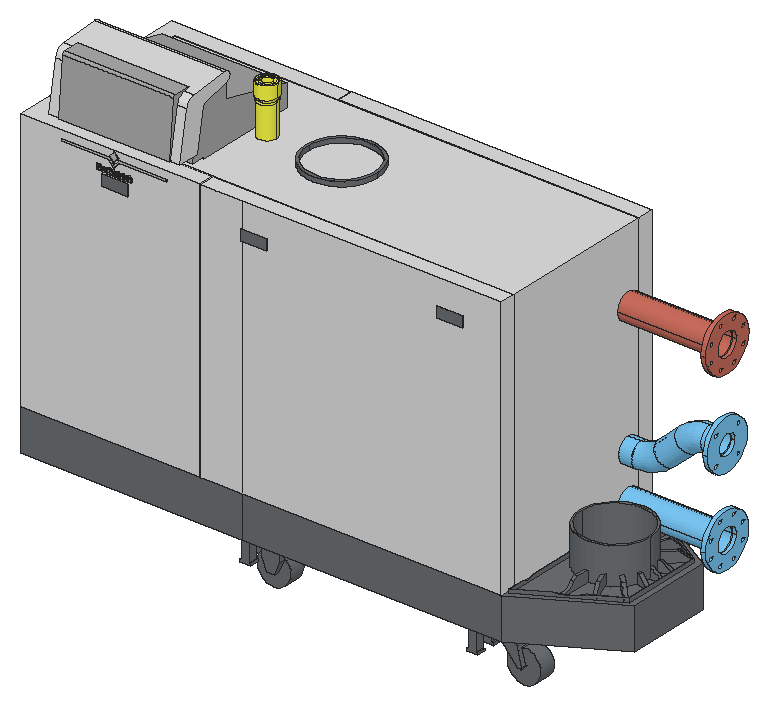
Revit family "HC_Boiler_Condensate Flow_MEPcontent_De Dietrich Thermique_C 340 8-10_Right_FR-FR", category Mechanical Equipment, Revit 2018 (continued)
Definition of nested family "3D Geometry"
  Automatic sketch dimensions
    plane 16 to Extrusion 28 sketch curve = 24.912 mm
    Extrusion 28 sketch curve to plane 12 = 16.5 mm
    Extrusion 28 sketch curve to Extrusion 28 sketch curve = 36.857 mm
    Extrusion 28 sketch curve to Extrusion 28 sketch curve = 7.1 mm
    Extrusion 28 sketch curve to plane 12 = 44.274 mm
    Extrusion 28 sketch curve to Extrusion 28 sketch curve = 39.5 mm
    Extrusion 29 sketch curve to plane 12 = 56 mm
    Extrusion 29 sketch curve to plane 12 = 16.5 mm
    Extrusion 29 sketch curve to Extrusion 29 sketch curve = 37.294 mm
    Extrusion 29 sketch curve to Extrusion 29 sketch curve = 13.599 mm
    Extrusion 29 sketch curve to Extrusion 29 sketch curve = 8.897 mm
    Extrusion 30 sketch curve to plane 12 = 53.5 mm
    Extrusion 30 sketch curve to plane 12 = 16.5 mm
    Extrusion 30 sketch curve to Extrusion 30 sketch curve = 38.031 mm
    Extrusion 30 sketch curve to Extrusion 30 sketch curve = 50.316 mm
    Extrusion 30 sketch curve to Extrusion 30 sketch curve = 8.342 mm
    Extrusion 31 sketch curve to plane 9 = 9 mm
    Extrusion 31 sketch curve to Extrusion 31 sketch curve = 3 mm  (x2)
    plane 16 to Extrusion 31 sketch curve = 27 mm
    Extrusion 31 sketch curve to plane 4 = 24.132 mm
    Extrusion 31 sketch curve to Extrusion 31 sketch curve = 5.189 mm  (x2)
    plane 13 to Extrusion 31 sketch curve = 88.329 mm
    Extrusion 31 sketch curve to Extrusion 31 sketch curve = 1.734 mm  (x2)
    plane 1 "Center (Front/Back)" to Extrusion 31 sketch curve = 149.437 mm
    plane 5 to Extrusion 31 sketch curve = 29.321 mm
    Extrusion 32 sketch curve to Extrusion 32 sketch curve = 0 mm  (x2)
    plane 1 "Center (Front/Back)" to Extrusion 32 sketch curve = 0 mm
    Extrusion 32 sketch curve to plane 9 = 144.515 mm
    Extrusion 33 sketch curve to Extrusion 33 sketch curve = 0 mm  (x2)
    Extrusion 33 sketch curve to plane 12 = 0 mm
    Extrusion 33 sketch curve to plane 13 = 0 mm
    Extrusion 34 sketch curve to Extrusion 34 sketch curve = 0 mm  (x2)
    Extrusion 34 sketch curve to plane 10 = 0 mm
    Extrusion 34 sketch curve to plane 13 = 0 mm
    Extrusion 35 sketch curve to Extrusion 35 sketch curve = 0 mm  (x2)
    Extrusion 35 sketch curve to plane 1 "Center (Front/Back)" = 0.5 mm
    plane 3 "Center (Left/Right)" to Extrusion 35 sketch curve = 166 mm
    Extrusion 36 sketch curve to plane 1 "Center (Front/Back)" = 0.5 mm  (x2)
    plane 3 "Center (Left/Right)" to Extrusion 36 sketch curve = 445 mm
    Extrusion 36 sketch curve to Extrusion 36 sketch curve = 0.184 mm
    plane 1 "Center (Front/Back)" to Extrusion 37 sketch curve = 0 mm
    plane 3 "Center (Left/Right)" to Extrusion 37 sketch curve = 496.822 mm
    Sweep 38 sketch curve to plane 11 = 0 mm
    Sweep 38 sketch curve to plane 9 = 0 mm
    Sweep 38 sketch curve to plane 11 = 4.744 mm
    Sweep 38 sketch curve to plane 11 = 33.641 mm
    Sweep 38 sketch curve to plane 11 = 107.066 mm
    plane 16 to Sweep 38 sketch curve = 31.71 mm
    Sweep 38 sketch curve to plane 11 = 125 mm
    Sweep 38 sketch curve to plane 9 = 51.296 mm
    Sweep 38 sketch curve to Sweep 38 sketch curve = 37.678 mm
    Sweep 38 sketch curve to plane 9 = 1 mm
    Sweep 38 sketch curve to plane 16 = 13 mm
    Sweep 38 sketch curve to profile plane = 0 mm  (x3)
    Sweep 38 sketch curve to Sweep 38 sketch curve = 0.156 mm
    Extrusion 39 sketch curve to plane 5 = 0 mm
    Extrusion 39 sketch curve to plane 7 = 0 mm  (x2)
    Extrusion 39 sketch curve to plane 4 = 0 mm
    Extrusion 39 sketch curve to plane 8 = 0 mm
    Extrusion 39 sketch curve to Extrusion 39 sketch curve = 7.5 mm
    Extrusion 39 sketch curve to plane 4 = 7.5 mm
    Extrusion 39 sketch curve to plane 8 = 7.097 mm
    Extrusion 40 sketch curve to Extrusion 40 sketch curve = 0 mm  (x3)
    Extrusion 40 sketch curve to plane 10 = 0 mm
    Extrusion 40 sketch curve to plane 13 = 0 mm
    plane 13 to Extrusion 40 sketch curve = 30.5 mm  (x2)
    plane 10 to Extrusion 40 sketch curve = 30.5 mm  (x2)
    Extrusion 40 sketch curve to Extrusion 40 sketch curve = 43.5 mm  (x5)
    Extrusion 40 sketch curve to plane 10 = 30.5 mm  (x2)
    Extrusion 40 sketch curve to plane 13 = 32.774 mm  (x2)
    Extrusion 40 sketch curve to plane 4 = 40 mm  (x2)
    Extrusion 41 sketch curve to Extrusion 41 sketch curve = 0 mm  (x3)
    Extrusion 41 sketch curve to plane 12 = 0 mm
    Extrusion 41 sketch curve to plane 13 = 0 mm
    plane 13 to Extrusion 41 sketch curve = 32.774 mm  (x2)
    plane 12 to Extrusion 41 sketch curve = 30.5 mm  (x2)
    Extrusion 41 sketch curve to Extrusion 41 sketch curve = 43.5 mm  (x5)
    Extrusion 41 sketch curve to plane 12 = 30.5 mm  (x2)
    Extrusion 41 sketch curve to plane 13 = 30.5 mm  (x2)
    Extrusion 41 sketch curve to plane 4 = 42.274 mm  (x2)
    Extrusion 42 sketch curve to plane 11 = 0 mm  (x2)
    Extrusion 42 sketch curve to plane 13 = 0 mm
    plane 13 to Extrusion 42 sketch curve = 52.445 mm  (x2)
    Extrusion 42 sketch curve to Extrusion 42 sketch curve = 1.094 mm
    Extrusion 42 sketch curve to plane 13 = 52.359 mm  (x2)
    Extrusion 42 sketch curve to plane 11 = 51.265 mm  (x2)
    plane 11 to Extrusion 42 sketch curve = 51.265 mm  (x2)
    Revolve 43 sketch curve to plane 6 = 73 mm
    Revolve 43 sketch curve to Revolve 43 sketch curve = 48.5 mm
    Revolve 43 sketch curve to Revolve 43 sketch curve = 9.229 mm
    Revolve 43 sketch curve to Revolve 43 sketch curve = 7.771 mm
    plane 3 "Center (Left/Right)" to Revolve 43 sketch curve = 483.829 mm
    Revolve 43 sketch curve to Revolve 43 sketch curve = 3.1 mm
    Revolve 43 sketch curve to Revolve 43 sketch curve = 14.9 mm
    Revolve 43 sketch curve to Revolve 43 sketch curve = 9.5 mm
    Revolve 43 sketch curve to Revolve 43 sketch curve = 20.392 mm
    Revolve 43 sketch curve to Revolve 43 sketch curve = 20.829 mm
    Extrusion 44 sketch curve to plane 1 "Center (Front/Back)" = 0.476 mm
    plane 3 "Center (Left/Right)" to Extrusion 44 sketch curve = 445 mm
    plane 3 "Center (Left/Right)" to Extrusion 45 sketch curve = 253 mm  (x2)
    Extrusion 45 sketch curve to plane 14 = 4.5 mm
    plane 1 "Center (Front/Back)" to Extrusion 45 sketch curve = 157.061 mm
    level to Extrusion 46 sketch curve = 62.222 mm
    Extrusion 46 sketch curve to plane 9 = 40.479 mm
    Extrusion 47 sketch curve to plane 7 = 0 mm
    level to Extrusion 47 sketch curve = 63.696 mm
    Extrusion 47 sketch curve to Extrusion 47 sketch curve = 1.196 mm
    Extrusion 47 sketch curve to Extrusion 47 sketch curve = 4.622 mm
    plane 9 to Extrusion 47 sketch curve = 54.5 mm
    level to Extrusion 48 sketch curve = 62.222 mm
    Extrusion 48 sketch curve to plane 9 = 40.479 mm
    Extrusion 49 sketch curve to plane 7 = 0 mm
    level to Extrusion 49 sketch curve = 63.696 mm
    Extrusion 49 sketch curve to Extrusion 49 sketch curve = 1.196 mm
    Extrusion 49 sketch curve to Extrusion 49 sketch curve = 4.622 mm
    Extrusion 49 sketch curve to plane 9 = 44.965 mm
    Extrusion 51 sketch curve to plane 7 = 0 mm
    Extrusion 53 sketch curve to plane 7 = 0 mm
    Extrusion 54 sketch curve to Extrusion 54 sketch curve = 0 mm  (x2)
    plane 1 "Center (Front/Back)" to Extrusion 54 sketch curve = 0 mm
    Extrusion 54 sketch curve to plane 9 = 144.515 mm
    Extrusion 55 sketch curve to Extrusion 55 sketch curve = 0 mm  (x2)
    Extrusion 55 sketch curve to plane 12 = 0 mm
    Extrusion 55 sketch curve to plane 13 = 0 mm
    Extrusion 56 sketch curve to Extrusion 56 sketch curve = 0 mm  (x2)
    Extrusion 56 sketch curve to plane 10 = 0 mm
    Extrusion 56 sketch curve to plane 13 = 0 mm
    Sweep 57 sketch curve to plane 11 = 0 mm
    Sweep 57 sketch curve to plane 9 = 0 mm
    Sweep 57 sketch curve to plane 11 = 4.744 mm
    Sweep 57 sketch curve to plane 11 = 33.641 mm
    Sweep 57 sketch curve to plane 11 = 107.066 mm
    plane 16 to Sweep 57 sketch curve = 31.71 mm
    Sweep 57 sketch curve to plane 11 = 125 mm
    Sweep 57 sketch curve to plane 9 = 51.296 mm
    Sweep 57 sketch curve to Sweep 57 sketch curve = 37.678 mm
    Sweep 57 sketch curve to plane 9 = 1 mm
    Sweep 57 sketch curve to plane 16 = 13 mm
    Sweep 57 sketch curve to profile plane = 0 mm  (x3)
    Sweep 57 sketch curve to Sweep 57 sketch curve = 0.156 mm
    Extrusion 58 sketch curve to Extrusion 58 sketch curve = 0 mm  (x2)
    Extrusion 58 sketch curve to plane 10 = 0 mm
    Extrusion 58 sketch curve to plane 13 = 0 mm
    Extrusion 59 sketch curve to Extrusion 59 sketch curve = 0 mm  (x2)
    Extrusion 59 sketch curve to plane 12 = 0 mm
    Extrusion 59 sketch curve to plane 13 = 0 mm
    Extrusion 60 sketch curve to plane 11 = 0 mm  (x2)
    Extrusion 60 sketch curve to plane 13 = 0 mm
    Extrusion 60 sketch curve to Extrusion 60 sketch curve = 1.094 mm
    Extrusion 61 sketch curve to plane 9 = 0 mm
    Extrusion 62 sketch curve to Extrusion 62 sketch curve = 0 mm  (x2)
    Extrusion 62 sketch curve to plane 1 "Center (Front/Back)" = 0.5 mm
    plane 3 "Center (Left/Right)" to Extrusion 62 sketch curve = 166 mm
    Extrusion 63 sketch curve to plane 1 "Center (Front/Back)" = 0.5 mm  (x2)
    plane 3 "Center (Left/Right)" to Extrusion 63 sketch curve = 445 mm
    Extrusion 63 sketch curve to Extrusion 63 sketch curve = 0.184 mm
    Extrusion 64 sketch curve to plane 12 = 53.5 mm
    Extrusion 64 sketch curve to plane 12 = 16.5 mm
    Extrusion 64 sketch curve to Extrusion 64 sketch curve = 41.003 mm
    Extrusion 64 sketch curve to Extrusion 64 sketch curve = 54.782 mm
    Extrusion 64 sketch curve to Extrusion 64 sketch curve = 6.102 mm
    Extrusion 67 sketch curve to plane 8 = 0 mm
    plane 8 to Extrusion 67 sketch curve = 5 mm
    plane 5 to Extrusion 67 sketch curve = 75.142 mm
    plane 5 to Extrusion 67 sketch curve = 108.347 mm
    Extrusion 67 sketch curve to Extrusion 67 sketch curve = 7.118 mm
    Extrusion 67 sketch curve to Extrusion 67 sketch curve = 53.211 mm
    Extrusion 67 sketch curve to plane 6 = 17.682 mm
    Extrusion 67 sketch curve to Extrusion 67 sketch curve = 98.925 mm
    Extrusion 67 sketch curve to plane 6 = 34.828 mm
    Extrusion 67 sketch curve to Extrusion 67 sketch curve = 4.594 mm
    Extrusion 67 sketch curve to Extrusion 67 sketch curve = 9.768 mm
    Extrusion 67 sketch curve to plane 6 = 69.683 mm
    Extrusion 68 sketch curve to plane 8 = 0 mm
    plane 1 "Center (Front/Back)" to Extrusion 68 sketch curve = 124.748 mm
    Extrusion 68 sketch curve to plane 6 = 99.795 mm
    Extrusion 69 sketch curve to plane 5 = 0 mm
    plane 5 to Extrusion 69 sketch curve = 1.627 mm
    plane 5 to Extrusion 69 sketch curve = 18.437 mm
    Extrusion 69 sketch curve to plane 6 = 7.5 mm
    Extrusion 69 sketch curve to Extrusion 69 sketch curve = 7.97 mm
    Extrusion 69 sketch curve to Extrusion 69 sketch curve = 7.089 mm
    Extrusion 69 sketch curve to plane 6 = 12.549 mm
    Extrusion 69 sketch curve to Extrusion 69 sketch curve = 42.996 mm
    Extrusion 69 sketch curve to Extrusion 69 sketch curve = 3.486 mm
    plane 8 to Extrusion 69 sketch curve = 35 mm
    Extrusion 69 sketch curve to Extrusion 69 sketch curve = 78.805 mm
    plane 8 to Extrusion 69 sketch curve = 36.809 mm
    Extrusion 69 sketch curve to Extrusion 69 sketch curve = 0.319 mm
    Extrusion 69 sketch curve to Extrusion 69 sketch curve = 20.45 mm
    Extrusion 69 sketch curve to Extrusion 69 sketch curve = 39.848 mm
    Extrusion 69 sketch curve to Extrusion 69 sketch curve = 8 mm
    Extrusion 69 sketch curve to Extrusion 69 sketch curve = 3.26 mm
    Extrusion 70 sketch curve to plane 6 = 0 mm
    plane 5 to Extrusion 70 sketch curve = 1.627 mm
    plane 5 to Extrusion 70 sketch curve = 33.496 mm
    Extrusion 70 sketch curve to plane 6 = 12.549 mm
    Extrusion 70 sketch curve to Extrusion 70 sketch curve = 35.906 mm
    Extrusion 70 sketch curve to Extrusion 70 sketch curve = 3.486 mm
    plane 8 to Extrusion 70 sketch curve = 36.809 mm
    Extrusion 70 sketch curve to Extrusion 70 sketch curve = 79.124 mm
    Extrusion 70 sketch curve to Extrusion 70 sketch curve = 35.459 mm
    Extrusion 70 sketch curve to Extrusion 70 sketch curve = 7.118 mm
    Extrusion 70 sketch curve to Extrusion 70 sketch curve = 97.378 mm
    Extrusion 70 sketch curve to Extrusion 70 sketch curve = 1.547 mm
    Extrusion 70 sketch curve to plane 6 = 34.828 mm
    Extrusion 70 sketch curve to Extrusion 70 sketch curve = 4.594 mm
    Extrusion 70 sketch curve to Extrusion 70 sketch curve = 57.134 mm
    Extrusion 70 sketch curve to Extrusion 70 sketch curve = 17.286 mm
    plane 1 "Center (Front/Back)" to Extrusion 71 sketch curve = 0 mm
    plane 3 "Center (Left/Right)" to Extrusion 71 sketch curve = 496.822 mm
    Extrusion 72 sketch curve to plane 12 = 0 mm  (x2)
    plane 13 to Extrusion 72 sketch curve = 0 mm
    plane 5 to Extrusion 72 sketch curve = 115 mm
    Extrusion 75 sketch curve to plane 11 = 0 mm
    Extrusion 75 sketch curve to plane 17 = 0 mm  (x2)
    Extrusion 75 sketch curve to plane 12 = 0 mm
    Extrusion 75 sketch curve to plane 10 = 0 mm
    Extrusion 45 sketch curve to plane 16 = 0 mm
    Extrusion 23 sketch curve to Extrusion 23 sketch curve = 9.081 mm
    Extrusion 23 sketch curve to Extrusion 23 sketch curve = 5.937 mm
    Extrusion 23 sketch curve to Extrusion 23 sketch curve = 41.792 mm
    Extrusion 23 sketch curve to Extrusion 23 sketch curve = 16.5 mm
    Extrusion 78 sketch curve to Extrusion 78 sketch curve = 18.912 mm
    Extrusion 78 sketch curve to Extrusion 78 sketch curve = 49 mm
    Extrusion 78 sketch curve to Extrusion 78 sketch curve = 7.361 mm
    Extrusion 78 sketch curve to Extrusion 78 sketch curve = 9.081 mm
    Extrusion 78 sketch curve to Extrusion 78 sketch curve = 5.937 mm
    Extrusion 78 sketch curve to Extrusion 78 sketch curve = 41.792 mm
    Extrusion 78 sketch curve to Extrusion 78 sketch curve = 16.5 mm
    Extrusion 65 sketch curve to plane 6 = 0 mm
    plane 8 to Extrusion 65 sketch curve = 36.809 mm
    Extrusion 65 sketch curve to plane 14 = 1.627 mm
    Extrusion 65 sketch curve to plane 20 = 27.549 mm
    Extrusion 65 sketch curve to plane 14 = 33.496 mm
    Extrusion 65 sketch curve to plane 6 = 12.549 mm
    Extrusion 65 sketch curve to Extrusion 65 sketch curve = 36.906 mm
    Extrusion 65 sketch curve to plane 20 = 19.39 mm
    Extrusion 65 sketch curve to Extrusion 65 sketch curve = 80.124 mm
    Extrusion 65 sketch curve to plane 20 = 2.104 mm
    Extrusion 65 sketch curve to Extrusion 65 sketch curve = 35.459 mm
    Extrusion 65 sketch curve to Extrusion 65 sketch curve = 7.118 mm
    Extrusion 65 sketch curve to Extrusion 65 sketch curve = 97.378 mm
    Extrusion 65 sketch curve to Extrusion 65 sketch curve = 1.547 mm
    Extrusion 65 sketch curve to plane 6 = 34.828 mm
    Extrusion 65 sketch curve to Extrusion 65 sketch curve = 4.594 mm
    plane 8 to Extrusion 66 sketch curve = 35 mm
    plane 14 to Extrusion 66 sketch curve = 0 mm
    Extrusion 66 sketch curve to Extrusion 66 sketch curve = 1.627 mm
    Extrusion 66 sketch curve to plane 6 = 14.811 mm
    Extrusion 66 sketch curve to plane 14 = 18.437 mm
    Extrusion 66 sketch curve to plane 6 = 7.5 mm
    Extrusion 66 sketch curve to Extrusion 66 sketch curve = 7.97 mm
    Extrusion 66 sketch curve to plane 20 = 27.549 mm
    Extrusion 66 sketch curve to Extrusion 66 sketch curve = 7.089 mm
    Extrusion 66 sketch curve to plane 6 = 12.549 mm
    Extrusion 66 sketch curve to Extrusion 66 sketch curve = 42.996 mm
    Extrusion 66 sketch curve to plane 20 = 20.603 mm
    Extrusion 66 sketch curve to Extrusion 66 sketch curve = 79.805 mm
    plane 8 to Extrusion 66 sketch curve = 36.809 mm
    Extrusion 66 sketch curve to Extrusion 66 sketch curve = 0.319 mm
    Extrusion 66 sketch curve to Extrusion 66 sketch curve = 20.45 mm
    Extrusion 66 sketch curve to Extrusion 66 sketch curve = 3.26 mm
    Extrusion 73 sketch curve to plane 8 = 0 mm
    plane 8 to Extrusion 73 sketch curve = 5 mm
    Extrusion 73 sketch curve to plane 14 = 76.142 mm
    Extrusion 73 sketch curve to plane 20 = 3.317 mm
    Extrusion 73 sketch curve to Extrusion 73 sketch curve = 33.205 mm
    Extrusion 73 sketch curve to Extrusion 73 sketch curve = 7.118 mm
    Extrusion 73 sketch curve to Extrusion 73 sketch curve = 53.211 mm
    Extrusion 73 sketch curve to plane 6 = 17.682 mm
    Extrusion 73 sketch curve to Extrusion 73 sketch curve = 98.925 mm
    Extrusion 73 sketch curve to plane 6 = 34.828 mm
    Extrusion 73 sketch curve to Extrusion 73 sketch curve = 4.594 mm
    Extrusion 73 sketch curve to Extrusion 73 sketch curve = 9.768 mm
    Extrusion 74 sketch curve to plane 8 = 0 mm
    plane 20 to Extrusion 74 sketch curve = 26.795 mm
    Extrusion 74 sketch curve to plane 14 = 229.752 mm
    Extrusion 74 sketch curve to Extrusion 74 sketch curve = 284.248 mm
    Extrusion 74 sketch curve to Extrusion 74 sketch curve = 83 mm
    Extrusion 65 to Extrusion 76 sketch curve = 0 mm
    Extrusion 76 sketch curve to Extrusion 65 = 0 mm  (x3)
    Extrusion 65 to Extrusion 76 sketch curve = 1.809 mm
    Extrusion 65 to Extrusion 76 sketch curve = 31.809 mm
    Extrusion 76 sketch curve to Extrusion 76 sketch curve = 74.842 mm
    Extrusion 76 sketch curve to Extrusion 76 sketch curve = 5.464 mm
    Extrusion 76 sketch curve to Extrusion 76 sketch curve = 53.211 mm
    Extrusion 76 sketch curve to Extrusion 65 = 220.191 mm
    Extrusion 76 sketch curve to Extrusion 76 sketch curve = 15.909 mm
    Extrusion 76 sketch curve to Extrusion 65 = 46.191 mm
    Extrusion 76 sketch curve to Extrusion 76 sketch curve = 285.248 mm
    Extrusion 76 sketch curve to Extrusion 76 sketch curve = 99.795 mm
    Extrusion 65 to Extrusion 76 sketch curve = 36.809 mm
    Extrusion 77 sketch curve to plane 8 = 0 mm
    Extrusion 77 sketch curve to plane 6 = 0 mm
    plane 13 to Extrusion 77 sketch curve = 79.297 mm
    plane 1 "Center (Front/Back)" to Extrusion 77 sketch curve = 126.045 mm
    Extrusion 77 sketch curve to Extrusion 77 sketch curve = 15.909 mm
    plane 1 "Center (Front/Back)" to Extrusion 77 sketch curve = 226.444 mm
    Extrusion 77 sketch curve to Extrusion 77 sketch curve = 47.747 mm
    plane 8 to Extrusion 77 sketch curve = 5 mm
    Extrusion 77 sketch curve to Extrusion 77 sketch curve = 5.464 mm
    Extrusion 77 sketch curve to plane 20 = 20.603 mm
    Extrusion 77 sketch curve to Extrusion 77 sketch curve = 139.954 mm
    Extrusion 77 sketch curve to plane 6 = 12.549 mm
    Extrusion 77 sketch curve to Extrusion 77 sketch curve = 3.486 mm
    Extrusion 77 sketch curve to plane 20 = 27.549 mm
    plane 8 to Extrusion 77 sketch curve = 35 mm
    Extrusion 77 sketch curve to Extrusion 77 sketch curve = 79.309 mm
    plane 20 to Extrusion 77 sketch curve = 26.795 mm
    Extrusion 77 sketch curve to Extrusion 77 sketch curve = 83 mm
    Extrusion 21 sketch curve to plane 8 = 94.986 mm  (x3)
    Extrusion 21 sketch curve to Extrusion 21 sketch curve = 41.012 mm  (x3)
    Extrusion 21 sketch curve to plane 19 = 4.004 mm
    plane 19 to Extrusion 21 sketch curve = 93 mm
    Extrusion 21 sketch curve to plane 14 = 401.006 mm
    Extrusion 21 sketch curve to Extrusion 21 sketch curve = 97.004 mm  (x2)
    plane 9 to Extrusion 21 sketch curve = 239.004 mm
    radius of Extrusion 32 sketch curve = 125 mm
    radius of Extrusion 32 sketch curve = 132 mm
    radius of Extrusion 33 sketch curve = 44.45 mm
    radius of Extrusion 34 sketch curve = 44.45 mm
    radius of Extrusion 34 sketch curve = 49 mm
    radius of Extrusion 36 sketch curve = 30.15 mm
    radius of Extrusion 36 sketch curve = 35 mm
    radius of Sweep 38 sketch curve = 45.7 mm
    radius of Sweep 38 sketch curve = 38.05 mm
    radius of Extrusion 40 sketch curve = 99.5 mm
    radius of Extrusion 40 sketch curve = 9 mm  (x8)
    radius of Extrusion 40 sketch curve = 44.45 mm
    radius of Extrusion 41 sketch curve = 99.5 mm
    radius of Extrusion 41 sketch curve = 9 mm  (x8)
    radius of Extrusion 42 sketch curve = 92.5 mm
    radius of Extrusion 42 sketch curve = 9 mm  (x4)
    radius of Extrusion 42 sketch curve = 38.05 mm
    radius of Extrusion 44 sketch curve = 25.4 mm
    radius of Extrusion 54 sketch curve = 125 mm
    radius of Extrusion 54 sketch curve = 132 mm
    radius of Extrusion 55 sketch curve = 44.45 mm
    radius of Extrusion 56 sketch curve = 44.45 mm
    radius of Extrusion 56 sketch curve = 49 mm
    radius of Sweep 57 sketch curve = 45.7 mm
    radius of Sweep 57 sketch curve = 38.05 mm
    radius of Extrusion 58 sketch curve = 99.5 mm
    radius of Extrusion 58 sketch curve = 44.45 mm
    radius of Extrusion 59 sketch curve = 99.5 mm
    radius of Extrusion 60 sketch curve = 92.5 mm
    radius of Extrusion 60 sketch curve = 38.05 mm
    radius of Extrusion 62 sketch curve = 125 mm
    radius of Extrusion 62 sketch curve = 135 mm
    radius of Extrusion 63 sketch curve = 30.15 mm
    radius of Extrusion 63 sketch curve = 35 mm
    radius of Extrusion 72 sketch curve = 49 mm  (x2)
    radius of Extrusion 75 sketch curve = 5 mm  (x3)
    radius of Extrusion 76 sketch curve to Extrusion 65 = 0 mm
  Nested families
    nested 1: "Type" at (733.496, -353.5, 1266.013) x (-1, 0, 0) z (0, 0, 1), type "Type", detail levels fine
  Definition of nested family "Type"
    Parameters (values of type "Type")
      Watermarked By = "http://revitwatermark.com"
      Type Comments = ""
      Logo = none
      Keynote = "﻿﻿           ﻿     ﻿                                      ​         ​                                               ﻿﻿"
      Description = "﻿﻿           ﻿     ﻿                                      ​         ​                                               ﻿﻿"
      Assembly Code = "﻿﻿           ﻿     ﻿                                      ​         ​                                               ﻿﻿"
    Reference planes
      plane 1 "Center (Front/Back)": y = 0
      plane 2: z = 0
      plane 3 "Center (Left/Right)": x = 0
    Forms (mm)
      Extrusion 1, solid, material <- "Logo", detail levels fine
        sketch origin (0, 0, 0) x (1, 0, 0) y (0, 0, 1)
          loop
            line (-196.514, -7.625) -> (-24.589, -7.626)
            arc (-24.589, -7.626) -> (-21.719, -8.196) -> (-19.286, -9.822) r 7.5
            line (-19.286, -9.822) -> (-1.005, -28.103)
            arc (-1.005, -28.103) -> (0, -28.52) -> (1.005, -28.103) r 1.421
            line (1.005, -28.103) -> (19.286, -9.822)
            arc (19.286, -9.822) -> (21.719, -8.196) -> (24.589, -7.626) r 7.5
            line (24.589, -7.626) -> (196.514, -7.625) -> (197.253, 0) -> (21.224, 0)
            arc (21.224, 0) -> (18.546, -0.533) -> (16.275, -2.05) r 7
            line (16.275, -2.05) -> (1.131, -17.189)
            arc (1.131, -17.189) -> (0, -17.658) -> (-1.131, -17.189) r 1.6
            line (-1.131, -17.189) -> (-16.288, -2.036)
            arc (-16.288, -2.036) -> (-18.544, -0.529) -> (-21.204, 0) r 6.953
            line (-21.204, 0) -> (-197.253, 0) -> (-196.514, -7.625)
          loop
            line (-1.11, 21.527) -> (-15.551, 7.087)
            arc (-15.551, 7.087) -> (-16.018, 5.958) -> (-15.551, 4.83) r 1.596
            line (-15.551, 4.83) -> (-1.098, -9.622)
            arc (-1.098, -9.622) -> (0, -10.078) -> (1.098, -9.622) r 1.553
            line (1.098, -9.622) -> (15.572, 4.851)
            arc (15.572, 4.851) -> (16.03, 5.958) -> (15.572, 7.066) r 1.567
            line (15.572, 7.066) -> (1.11, 21.527)
            arc (1.11, 21.527) -> (0, 21.987) -> (-1.11, 21.527) r 1.57
          loop
            line (-65.002, -56.947) -> (-56.173, -56.947)
            arc (-56.173, -56.947) -> (-52.492, -55.922) -> (-49.873, -53.14) r 7.116
            arc (-49.873, -53.14) -> (-48.304, -47.023) -> (-49.644, -40.852) r 13.704
            arc (-49.644, -40.852) -> (-52.116, -38.077) -> (-55.686, -37.046) r 6.698
            line (-55.686, -37.046) -> (-65.002, -37.046) -> (-65.002, -56.947)
          loop
            line (-56.569, -40.154) -> (-61.239, -40.17) -> (-61.239, -53.823) -> (-56.958, -53.836)
            arc (-56.958, -53.836) -> (-54.725, -53.2) -> (-53.174, -51.472) r 4.19
            arc (-53.174, -51.472) -> (-52.089, -47.096) -> (-52.863, -42.655) r 10.928
            arc (-52.863, -42.655) -> (-54.332, -40.835) -> (-56.569, -40.154) r 3.976
          loop
            line (-7.094, -56.947) -> (-3.25, -56.947) -> (-3.25, -42.309) -> (-7.094, -42.309) -> (-7.094, -56.947)
          loop
            line (-7.094, -37.559) -> (-7.094, -41.061) -> (-3.25, -41.061) -> (-3.25, -37.559) -> (-7.094, -37.559)
          loop
            arc (8.081, -52.623) -> (4.356, -53.987) -> (2.246, -50.628) r 3.152
            line (2.246, -50.628) -> (11.888, -50.628)
            arc (11.888, -50.628) -> (11.883, -47.453) -> (10.698, -44.508) r 8.381
            arc (10.698, -44.508) -> (8.305, -42.384) -> (5.158, -41.806) r 5.956
            arc (5.158, -41.806) -> (2.687, -42.33) -> (0.409, -43.422) r 10.638
            arc (0.409, -43.422) -> (-1.271, -46.121) -> (-1.828, -49.251) r 8.409
            arc (-1.828, -49.251) -> (-1.504, -51.935) -> (-0.619, -54.49) r 12.713
            arc (-0.619, -54.49) -> (1.993, -56.656) -> (5.331, -57.264) r 6.695
            arc (5.331, -57.264) -> (9.352, -56.112) -> (11.661, -52.623) r 6.042
            line (11.661, -52.623) -> (8.081, -52.623)
          loop
            arc (13.888, -54.438) -> (14.683, -56.356) -> (16.601, -57.15) r 2.712
            line (16.601, -57.15) -> (20.12, -57.15) -> (20.12, -54.098) -> (18.734, -54.098)
            arc (18.734, -54.098) -> (18.026, -53.804) -> (17.732, -53.096) r 1.002
            line (17.732, -53.096) -> (17.732, -44.972) -> (20.12, -44.972) -> (20.12, -42.201) -> (17.732, -42.201) -> (17.732, -38.209) -> (13.888, -38.209) -> (13.888, -54.438)
          loop
            line (21.856, -56.947) -> (25.699, -56.947) -> (25.699, -48.765)
            arc (25.699, -48.765) -> (26.547, -46.719) -> (28.592, -45.872) r 2.893
            line (28.592, -45.872) -> (30.338, -45.872) -> (30.338, -41.773) -> (29.3, -41.773)
            arc (29.3, -41.773) -> (26.972, -42.53) -> (25.534, -44.511) r 3.958
            line (25.534, -44.511) -> (25.534, -42.201) -> (21.856, -42.201) -> (21.856, -56.947)
          loop
            line (31.267, -56.947) -> (35.111, -56.947) -> (35.111, -42.309) -> (31.267, -42.309) -> (31.267, -56.947)
          loop
            line (31.267, -37.559) -> (31.267, -41.061) -> (35.111, -41.061) -> (35.111, -37.559) -> (31.267, -37.559)
          loop
            line (51.797, -56.947) -> (55.641, -56.947) -> (55.641, -47.837)
            arc (55.641, -47.837) -> (58.399, -45.079) -> (61.158, -47.837) r 2.759
            line (61.158, -47.837) -> (61.158, -56.947) -> (65.002, -56.947) -> (65.002, -46.747)
            arc (65.002, -46.747) -> (63.569, -43.289) -> (60.111, -41.856) r 4.89
            arc (60.111, -41.856) -> (57.65, -42.396) -> (55.641, -43.917) r 5.879
            line (55.641, -43.917) -> (55.641, -37.045) -> (51.797, -37.045) -> (51.797, -56.947)
          loop
            arc (50.107, -47.467) -> (48.16, -43.271) -> (43.783, -41.773) r 5.893
            arc (43.783, -41.773) -> (40.733, -42.391) -> (38.282, -44.309) r 6.766
            arc (38.282, -44.309) -> (37.092, -47.026) -> (36.764, -49.974) r 9.864
            arc (36.764, -49.974) -> (37.886, -54.202) -> (41.292, -56.947) r 7.027
            arc (41.292, -56.947) -> (44.147, -57.392) -> (46.94, -56.651) r 7.027
            arc (46.94, -56.651) -> (49.227, -54.554) -> (50.075, -51.569) r 5.697
            line (50.075, -51.569) -> (46.547, -51.569)
            arc (46.547, -51.569) -> (44.325, -54.292) -> (41.212, -52.662) r 2.779
            arc (41.212, -52.662) -> (40.634, -48.941) -> (41.911, -45.398) r 7.611
            arc (41.911, -45.398) -> (44.905, -44.925) -> (46.555, -47.467) r 2.783
            line (46.555, -47.467) -> (50.107, -47.467)
          loop
            line (-42.468, -48.405) -> (-35.879, -48.405)
            arc (-35.879, -48.405) -> (-39.174, -45.11) -> (-42.468, -48.405) r 3.294
          loop
            arc (-32.423, -50.628) -> (-32.428, -47.453) -> (-33.613, -44.508) r 8.381
            arc (-33.613, -44.508) -> (-36.006, -42.384) -> (-39.153, -41.806) r 5.956
            arc (-39.153, -41.806) -> (-41.624, -42.33) -> (-43.901, -43.422) r 10.638
            arc (-43.901, -43.422) -> (-45.581, -46.121) -> (-46.139, -49.251) r 8.409
            arc (-46.139, -49.251) -> (-45.814, -51.935) -> (-44.929, -54.49) r 12.713
            arc (-44.929, -54.49) -> (-42.318, -56.656) -> (-38.98, -57.264) r 6.695
            arc (-38.98, -57.264) -> (-34.958, -56.112) -> (-32.649, -52.623) r 6.042
            line (-32.649, -52.623) -> (-36.23, -52.623)
            arc (-36.23, -52.623) -> (-39.954, -53.987) -> (-42.064, -50.628) r 3.152
            line (-42.064, -50.628) -> (-32.423, -50.628)
          loop
            line (-25.689, -56.947) -> (-16.86, -56.947)
            arc (-16.86, -56.947) -> (-13.179, -55.922) -> (-10.56, -53.14) r 7.116
            arc (-10.56, -53.14) -> (-8.991, -47.023) -> (-10.331, -40.852) r 13.704
            arc (-10.331, -40.852) -> (-12.803, -38.077) -> (-16.373, -37.046) r 6.698
            line (-16.373, -37.046) -> (-25.689, -37.046) -> (-25.689, -56.947)
          loop
            line (-17.256, -40.154) -> (-21.926, -40.17) -> (-21.926, -53.823) -> (-17.645, -53.836)
            arc (-17.645, -53.836) -> (-15.412, -53.2) -> (-13.861, -51.472) r 4.19
            arc (-13.861, -51.472) -> (-12.777, -47.096) -> (-13.551, -42.655) r 10.928
            arc (-13.551, -42.655) -> (-15.019, -40.835) -> (-17.256, -40.154) r 3.976
          loop
            line (1.843, -48.405) -> (8.431, -48.405)
            arc (8.431, -48.405) -> (5.137, -45.11) -> (1.843, -48.405) r 3.294
        from 0 to 2
    Dimensions and locks
      aligned and locked: level to plane 2
Definition of nested family "Service Space"
  Parameters (values of type "Service Space")
    Depth = 1833 mm
    Watermarked By = "www.stabiplan.com"
    URL = "www.stabiplan.com"
    Type Comments = "﻿﻿                           ​​               ​  ​     ﻿         ﻿      ​                         ​     ​              ​         ﻿﻿   ﻿       ​            ​  ​  ​                      ﻿﻿"
    Show Service Area [instance] = yes
    Top Clearance = 80 mm
    Right Clearance = 800 mm
    Left Clearance = 800 mm
    Keynote = "﻿﻿                           ​​               ​  ​     ﻿         ﻿      ​                         ​     ​              ​         ﻿﻿   ﻿       ​            ​  ​  ​                      ﻿﻿"
    Glass = none
    Front Clearance = 300 mm
    Bottom Clearance = 0 mm
    Model = ""
    Manufacturer = ""
    Width = 716 mm
    Height = 1500 mm
    Description = "﻿﻿                           ​​               ​  ​     ﻿         ﻿      ​                         ​     ​              ​         ﻿﻿   ﻿       ​            ​  ​  ​                      ﻿﻿"
    Manufacturer URL = ""
    Copyright = "© Stabiplan BV / Stabiplan International BV"  # constant formula
    Back Clearance = 800 mm
    Assembly Code = "﻿﻿                           ​​               ​  ​     ﻿         ﻿      ​                         ​     ​              ​         ﻿﻿   ﻿       ​            ​  ​  ​                      ﻿﻿"
  Reference planes
    plane 1 "Center (Front/Back)": y = 0
    plane 2: z = 0
    plane 3 "Center (Left/Right)": x = 0
    plane 4: x = 358
    plane 5: x = -358
    plane 6: z = 0
    plane 7: z = 1500
    plane 8: x = -353
    plane 9: x = 353
    plane 10: z = -20
    plane 11: y = -1216.5
    plane 12: x = 1158
    plane 13: x = -1158
    plane 14: z = 1580
    plane 15: y = 916.5
    plane 16: y = -916.5
    plane 17: y = 1716.5
  Forms (mm)
    Extrusion 1, solid, material <- "Glass", visible <- "Show Service Area"
      sketch origin (0, 0, 0) x (1, 0, 0) y (0, 1, 0)
        loop
          line (-1158, 1716.5) -> (-1158, -1216.5) -> (1158, -1216.5) -> (1158, 1716.5) -> (-1158, 1716.5)
      from 0 to 1580
  Dimensions and locks
    equal spacing: plane 5, plane 3 "Center (Left/Right)", plane 4
    "Width": plane 5 to plane 4
    "Bottom Clearance": plane 6 to plane 2
    "Height": plane 7 to plane 6
    locked: plane 8 to plane 5 at 5
    locked: plane 9 to plane 4 at 5
    locked: plane 6 to plane 10 at 20
    "Right Clearance": plane 12 to plane 4
    "Left Clearance": plane 13 to plane 5
    "Top Clearance": plane 14 to plane 7
    equal spacing: plane 16, plane 1 "Center (Front/Back)", plane 15
    "Back Clearance": plane 17 to plane 15
    "Depth": plane 15 to plane 16
    "Front Clearance": plane 11 to plane 16
    aligned and locked: level to plane 2
    aligned and locked: Extrusion 1 to plane 14
    aligned and locked: Extrusion 1 to plane 17
  Automatic sketch dimensions
    Extrusion 1 sketch curve to plane 13 = 0 mm
    plane 11 to Extrusion 1 sketch curve = 0 mm
    Extrusion 1 sketch curve to plane 12 = 0 mm
    Extrusion 1 sketch curve to plane 1 "Center (Front/Back)" = 1716.5 mm
Types (3, lengths in mm): name | Model | Manufacturer Art. No. | GTIN | Description | Article Type | Article Description
  500 VD | "500 VD" | "7769081" | "8713809338916" | "C 340 - 500 VD" | "500 VD" | "C 340 - 500 VD"
  570 VD | "570 VD" | "7769083" | "8713809338923" | "C 340 - 570 VD" | "570 VD" | "C 340 - 570 VD"
  650 VD | "650 VD" | "7769085" | "8713809338930" | "C 340 - 650 VD" | "650 VD" | "C 340 - 650 VD"
